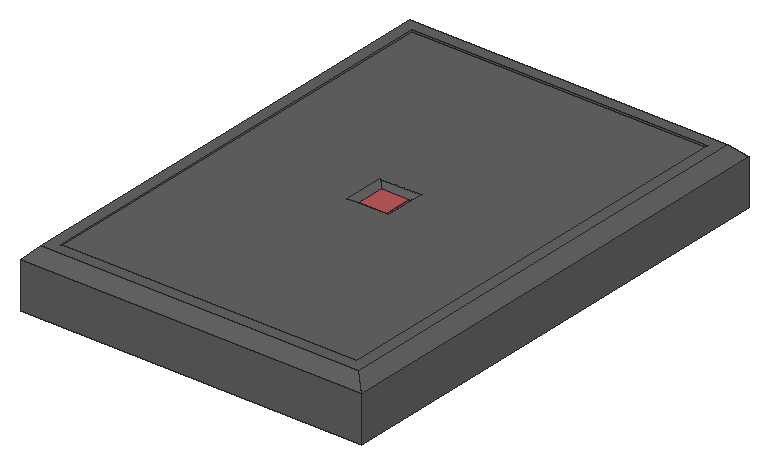
Revit family "Proximity Reader_P-710_Farpointe_R16", category Security Devices, host Face, Revit 2016
Family settings
  Host = Face
  Maintain Annotation Orientation = No
  Part Type = Normal
  Round Connector Dimension = Use Diameter
  Cut with Voids When Loaded = No
  Shared = No
  Room Calculation Point = No
Parameters
  Width = 6"
  URL - Quick Start Guides [instance] = "http://farpointedata.com/downloads/qsg_and_ref/ProximityReaders_QSG.pdf"
  URL - Mounting Guides Letter Size [instance] = "http://farpointedata.com/downloads/mounting_guides/MountingGuide_P710_Ltr.pdf"
  URL - Mounting Guides A4 Size [instance] = "http://farpointedata.com/downloads/mounting_guides/MountingGuide_P710_A4.pdf"
  URL - Data Sheets [instance] = "http://farpointedata.com/downloads/datasheets/P710_TDS.pdf"
  URL - Bid Specifications [instance] = "http://farpointedata.com/downloads/bid_specs/Farpointe_Pyramid_Specification.docx"
  URL = "http://www.farpointedata.com/"
  Modeled By [instance] = "www.commensestudio.com"
  Model = "P-710 Proximity Reader"  # constant formula
  Manufacturer = "Farpointe Data"  # constant formula
  LED [instance] = LED
  Height = 8.5"
  Description = "Long-Range Proximity, Single-Gang Wall Switch Box"  # constant formula
  Depth = 1"
  Default Elevation = 48"
  Cover [instance] = Cover
Reference planes (in)
  plane 1 "Center (Front/Back)": y = 0
  plane 2: z = 0
  plane 3 "Center (Left/Right)": x = 0
  plane 4: x = -3
  plane 5: x = 3
  plane 6: y = 4.25
  plane 7: y = -4.25
  plane 8: z = 1
Forms (in)
  Extrusion 1, solid, material "Cover" <- "Cover"
    sketch origin (0, 0, 0.3) x (1, 0, 0) y (0, 1, 0)
      loop
        line (-3, -4.25) -> (3, -4.25) -> (3, 4.25) -> (-3, 4.25) -> (-3, -4.25)
    from -0.3 to 0.5
  Blend 2, solid, material "Cover" <- "Cover"
    base sketch origin (0, 0, 0.3) x (1, 0, 0) y (0, 1, 0)
      loop
        line (-3, 4.25) -> (-3, -4.25) -> (3, -4.25) -> (3, 4.25) -> (-3, 4.25)
    top sketch origin (0, 0, 0.3) x (1, 0, 0) y (0, 1, 0)
      loop
        line (-2.8, 4.05) -> (-2.8, -4.05) -> (2.8, -4.05) -> (2.8, 4.05) -> (-2.8, 4.05)
    from 0.5 to 0.7
  Extrusion 3, solid, material "LED" <- "LED"
    sketch origin (0, 0, 0.3) x (1, 0, 0) y (0, 1, 0)
      loop
        line (0.25, -0.25) -> (0.25, 0.25) -> (-0.25, 0.25) -> (-0.25, -0.25) -> (0.25, -0.25)
    from 0.5 to 0.61
  Blend 4, void
    base sketch origin (0, 0, 0.3) x (1, 0, 0) y (0, 1, 0)
      loop
        line (-0.25, 0.25) -> (-0.25, -0.25) -> (0.25, -0.25) -> (0.25, 0.25) -> (-0.25, 0.25)
    top sketch origin (0, 0, 0.3) x (1, 0, 0) y (0, 1, 0)
      loop
        line (-0.39738, 0.39738) -> (-0.39738, -0.39738) -> (0.39738, -0.39738) -> (0.39738, 0.39738) -> (-0.39738, 0.39738)
    from 0.6 to 0.7
  Extrusion 5, void
    sketch origin (0, 0, 0) x (1, 0, 0) y (0, 1, 0)
      loop
        line (-2.6, 3.85) -> (-2.6, -3.85) -> (2.6, -3.85) -> (2.6, 3.85) -> (-2.6, 3.85)
    from 0.98 to 1.2
Cuts and joins
  Extrusion 5 cuts Extrusion 1
  Blend 4, Extrusion 5 cuts Blend 2
  Extrusion 5 cuts Extrusion 3
Dimensions and locks (in)
  equal spacing: plane 7, plane 1 "Center (Front/Back)", plane 6
  equal spacing: plane 4, plane 3 "Center (Left/Right)", plane 5
  "Height": plane 7 to plane 6
  "Width": plane 4 to plane 5
  "Depth": plane 8 to level
  aligned and locked: plane 2 to host face
  aligned and locked: level to host face
  aligned and locked: Blend 2 sketch curve to Extrusion 1
Automatic sketch dimensions
  host sketch curve to host sketch curve = 96"  (x2)
  plane 4 to Extrusion 1 sketch curve = 0"
  Extrusion 1 sketch curve to plane 5 = 0"
  plane 1 "Center (Front/Back)" to Extrusion 1 sketch curve = 4.25"
  Extrusion 1 sketch curve to plane 1 "Center (Front/Back)" = 4.25"
  Extrusion 3 sketch curve to plane 3 "Center (Left/Right)" = 0.25"
  plane 3 "Center (Left/Right)" to Extrusion 3 sketch curve = 0.25"
  plane 1 "Center (Front/Back)" to Extrusion 3 sketch curve = 0.25"
  Extrusion 3 sketch curve to plane 1 "Center (Front/Back)" = 0.25"
  Blend 2 sketch curve to plane 4 = 0"
  plane 7 to Blend 2 sketch curve = 0"
  plane 6 to Blend 2 sketch curve = 0"
  plane 4 to Blend 2 sketch curve = 0.2"
  Blend 2 sketch curve to plane 5 = 0.2"
  Blend 2 sketch curve to plane 7 = 0.2"
  plane 6 to Blend 2 sketch curve = 0.2"
  plane 4 to Extrusion 5 sketch curve = 0.4"
  Extrusion 5 sketch curve to plane 5 = 0.4"
  Extrusion 5 sketch curve to plane 7 = 0.4"
  plane 6 to Extrusion 5 sketch curve = 0.4"
  Blend 4 sketch curve to plane 3 "Center (Left/Right)" = 0.39738"
  plane 3 "Center (Left/Right)" to Blend 4 sketch curve = 0.39738"
  plane 1 "Center (Front/Back)" to Blend 4 sketch curve = 0.39738"
  Blend 4 sketch curve to plane 1 "Center (Front/Back)" = 0.39738"
  Blend 4 sketch curve to plane 3 "Center (Left/Right)" = 0.25"
  plane 3 "Center (Left/Right)" to Blend 4 sketch curve = 0.25"
  plane 1 "Center (Front/Back)" to Blend 4 sketch curve = 0.25"
  Blend 4 sketch curve to plane 1 "Center (Front/Back)" = 0.25"
Connectors (in)
  electrical at (0, 0, 0)
    settings: index 3, voltage 0 V, apparent load 0 VA, apparent load phase1 0 VA, apparent load phase2 0 VA, apparent load phase3 0 VA, power factor 1, load classification "Other", number of poles 1, system type 10, power factor state 1, is connector primary yes, connector utility no, sub classification motor no, connector description ""
